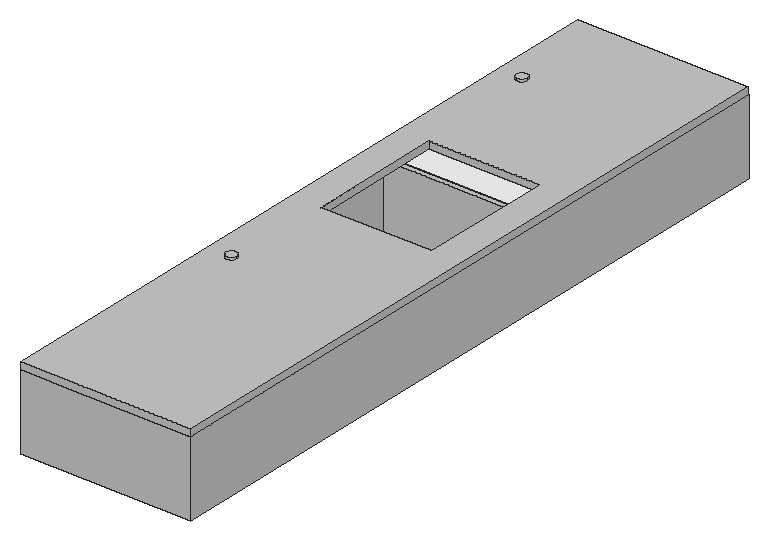
Revit family "rba-bim-B38039", category Specialty Equipment, host Face, Revit 2018
Family settings
  Host = Face
  Round Connector Dimension = Use Diameter
  Part Type = Normal
  OmniClass Number = 23.40.20.21.17
  OmniClass Title = Paper Towel Dispensers, Disposal Units
  Cut with Voids When Loaded = No
  Shared = Yes
  Room Calculation Point = No
Parameters (values of type "B-38039")
  URL = "www.rba.com.au"
  Type Comments = "Satin Finish"
  Product Page URL = ""
  Product Name = ""
  Modified Issue = "20200825.01"
  Model = "B38039"
  Materials and Finishes = Stainless Steel Satin Finish
  Manufacturer = "Bobrick Washroom Equipment"
  Description = "Surface Mounted Paper Towel & Waste Bin"
  Default Elevation = 1.2192 m
  Copyright by = "RBA Group"  # constant formula
  Assembly Code = "C1030200"
  ADA Compliant = yes
Reference planes (m)
  plane 1 "Center (Front/Back)": y = 0
  plane 2: z = 0
  plane 3 "Center (Left/Right)": x = 0
  plane 4: x = -0.1651
  plane 5: x = 0.1651
  plane 6: x = 0.140494
  plane 7: x = -0.140494
  plane 8: y = 0.674519
  plane 9: y = -0.675481
  plane 10: y = -0.22225
  plane 11: y = -0.020269
  plane 12: y = 0.174994
  plane 13 "Center": y = 0.184519
  plane 14: y = 0.230556
  plane 15: y = 0.243256
  plane 16: y = 0.481637
  plane 17: x = -0.119062
  plane 18: x = 0.10795
  plane 19: x = -0.10795
  plane 20: z = 0.014287
  plane 21: z = 0.017462
  plane 22 "Center L/S": y = 0.194519
  plane 23: z = -0.145713
  plane 24: z = -0.144125
Forms (m)
  Extrusion 1, void
    sketch origin (0, 0, 0) x (1, 0, 0) y (0, 1, 0)
      loop
        line (-0.140494, 0.674519) -> (-0.140494, -0.675481) -> (0.140494, -0.675481) -> (0.140494, 0.674519) -> (-0.140494, 0.674519)
    from -0.142875 to 0
  Extrusion 2, solid, material "Stainless Steel Satin Finish" <- "Materials and Finishes"
    sketch origin (0, 0, 0) x (1, 0, 0) y (0, 1, 0)
      loop
        line (-0.1651, 0.674519) -> (-0.1651, -0.675481) -> (0.1651, -0.675481) -> (0.1651, 0.674519) -> (-0.1651, 0.674519)
      loop
        line (-0.163512, 0.672931) -> (-0.163512, -0.673894) -> (0.163512, -0.673894) -> (0.163512, 0.672931) -> (-0.163512, 0.672931)
    from -0.145713 to 0
  Extrusion 3, solid, material "Stainless Steel Satin Finish" <- "Materials and Finishes"
    sketch origin (0, 0, 0) x (1, 0, 0) y (0, 1, 0)
      loop
        line (-0.1651, 0.674519) -> (-0.1651, -0.675481) -> (0.1651, -0.675481) -> (0.1651, 0.674519) -> (-0.1651, 0.674519)
      loop
        line (-0.10795, 0.243256) -> (-0.10795, -0.020269) -> (0.10795, -0.020269) -> (0.10795, 0.243256) -> (-0.10795, 0.243256)
    from 0 to 0.014287
  Extrusion 4, solid, material "Stainless Steel Satin Finish" <- "Materials and Finishes"
    sketch origin (0, 0, 0) x (1, 0, 0) y (0, 1, 0)
      loop
        line (-0.140494, 0.184519) -> (-0.140494, 0.174994) -> (0.140494, 0.174994) -> (0.140494, 0.184519) -> (-0.140494, 0.184519)
    from -0.144125 to 0
  Extrusion 5, solid, material "Paper Towel - Bobrick", detail levels fine
    sketch origin (0, 0, 0) x (1, 0, 0) y (0, 1, 0)
      loop
        line (-0.140494, 0.243256) -> (-0.140494, 0.184519) -> (0.140494, 0.184519) -> (0.140494, 0.243256) -> (-0.140494, 0.243256)
    from -0.144125 to 0
  Extrusion 6, solid, material "Stainless Steel Satin Finish" <- "Materials and Finishes", detail levels fine
    sketch origin (0, 0, 0) x (1, 0, 0) y (0, 1, 0)
      loop
        circle (-0.119062, -0.22225) r 0.010319
    from 0.014287 to 0.017462
  Extrusion 7, solid, material "Stainless Steel Satin Finish" <- "Materials and Finishes", detail levels fine
    sketch origin (0, 0.70485, 0) x (1, 0, 0) y (0, 1, 0)
      loop
        circle (-0.119062, -0.223213) r 0.010319
    from 0.014287 to 0.017462
  Extrusion 8, solid, material "Stainless Steel Satin Finish" <- "Materials and Finishes"
    sketch origin (0, 0, -0.002838) x (1, 0, 0) y (0, 1, 0)
      loop
        line (-0.1651, 0.674519) -> (-0.1651, -0.675481) -> (0.1651, -0.675481) -> (0.1651, 0.674519) -> (-0.1651, 0.674519)
    from -0.142875 to -0.141288
Cuts and joins
  joined: Extrusion 2, Extrusion 4, Extrusion 8
Lines and regions (m)
  Split face 1
    outline origin (0, 0.024181, 0) x (1, 0, 0) y (0, 1, 0)
      loop
        line (-0.140494, 0.179387) -> (-0.077787, 0.179387)
        arc (-0.077787, 0.179387) -> (0, 0.206375) -> (0.077788, 0.179387) r 0.125599
        line (0.077788, 0.179387) -> (0.140494, 0.179387)
  Masking region 1
    outline origin (0, 0, 0.017462) x (1, 0, 0) y (0, 1, 0)
      loop
        line (-0.1651, 0.674519) -> (-0.1651, -0.675481) -> (0.1651, -0.675481) -> (0.1651, 0.674519) -> (-0.1651, 0.674519)
  Masking region 2
    outline origin (0, 0, 0) x (1, 0, 0) y (0, 0, 1)
      loop
        line (-0.1651, 0) -> (0.1651, 0) -> (0.1651, 0.014287) -> (-0.1651, 0.014287) -> (-0.1651, 0)
  Masking region 3, detail levels fine
    outline origin (0, 0, 0) x (1, 0, 0) y (0, 0, 1)
      loop
        line (-0.129381, 0.014287) -> (-0.108744, 0.014287) -> (-0.108744, 0.017462) -> (-0.129381, 0.017462) -> (-0.129381, 0.014287)
  Masking region 4
    outline origin (0, 0, 0) x (0, 1, 0) y (0, 0, 1)
      loop
        line (0.674519, 0) -> (0.674519, 0.014287) -> (-0.675481, 0.014287) -> (-0.675481, 0) -> (0.674519, 0)
  Masking region 5, detail levels fine
    outline origin (0, 0, 0) x (0, 1, 0) y (0, 0, 1)
      loop
        line (0.491956, 0.014287) -> (0.491956, 0.017462) -> (0.471319, 0.017462) -> (0.471319, 0.014287) -> (0.491956, 0.014287)
  Masking region 6, detail levels fine
    outline origin (0, 0, 0) x (0, 1, 0) y (0, 0, 1)
      loop
        line (-0.211931, 0.014287) -> (-0.211931, 0.017462) -> (-0.232569, 0.017462) -> (-0.232569, 0.014287) -> (-0.211931, 0.014287)
  model lines, detail levels fine
    curve 1: spline (-0.119062, -0.2286, 0.017462) -> (-0.119364, -0.228384, 0.017462) -> (-0.119645, -0.227749, 0.017462) -> (-0.119886, -0.22674, 0.017462) -> (-0.120071, -0.225425, 0.017462) -> (-0.120188, -0.223894, 0.017462) -> (-0.120227, -0.22225, 0.017462) -> (-0.120188, -0.220606, 0.017462) -> (-0.120071, -0.219075, 0.017462) -> (-0.119886, -0.21776, 0.017462) -> (-0.119645, -0.216751, 0.017462) -> (-0.119364, -0.216116, 0.017462) -> (-0.119062, -0.2159, 0.017462) -> (-0.118761, -0.216116, 0.017462) -> (-0.11848, -0.216751, 0.017462) -> (-0.118239, -0.21776, 0.017462) -> (-0.118054, -0.219075, 0.017462) -> (-0.117937, -0.220606, 0.017462) -> (-0.117898, -0.22225, 0.017462) -> (-0.117937, -0.223894, 0.017462) -> (-0.118054, -0.225425, 0.017462) -> (-0.118239, -0.22674, 0.017462) -> (-0.11848, -0.227749, 0.017462) -> (-0.118761, -0.228384, 0.017462) -> (-0.119062, -0.2286, 0.017462)
    curve 2: spline (-0.119062, 0.47625, 0.017462) -> (-0.119364, 0.476466, 0.017462) -> (-0.119645, 0.477101, 0.017462) -> (-0.119886, 0.47811, 0.017462) -> (-0.120071, 0.479425, 0.017462) -> (-0.120188, 0.480956, 0.017462) -> (-0.120227, 0.4826, 0.017462) -> (-0.120188, 0.484244, 0.017462) -> (-0.120071, 0.485775, 0.017462) -> (-0.119886, 0.48709, 0.017462) -> (-0.119645, 0.488099, 0.017462) -> (-0.119364, 0.488734, 0.017462) -> (-0.119062, 0.48895, 0.017462) -> (-0.118761, 0.488734, 0.017462) -> (-0.11848, 0.488099, 0.017462) -> (-0.118239, 0.48709, 0.017462) -> (-0.118054, 0.485775, 0.017462) -> (-0.117937, 0.484244, 0.017462) -> (-0.117898, 0.4826, 0.017462) -> (-0.117937, 0.480956, 0.017462) -> (-0.118054, 0.479425, 0.017462) -> (-0.118239, 0.47811, 0.017462) -> (-0.11848, 0.477101, 0.017462) -> (-0.118761, 0.476466, 0.017462) -> (-0.119062, 0.47625, 0.017462)
  symbolic lines, style "Paper Towel Dispenser", detail levels medium+fine
    curve 3: line (-0.10795, 0.243256, 0.017462) -> (0.10795, 0.243256, 0.017462)
    curve 4: line (-0.10795, -0.020269, 0.017462) -> (-0.10795, 0.243256, 0.017462)
    curve 5: line (0.10795, -0.020269, 0.017462) -> (-0.10795, -0.020269, 0.017462)
    curve 6: line (0.10795, 0.243256, 0.017462) -> (0.10795, -0.020269, 0.017462)
  symbolic lines, style "Paper Towel Dispenser", detail levels fine
    curve 7: line (-0.10795, 0.203569, 0.017462) -> (-0.077787, 0.203569, 0.017462)
    curve 8: arc (-0.077787, 0.203569, 0.017462) -> (0, 0.230556, 0.017462) -> (0.077788, 0.203569, 0.017462) r 0.125599
    curve 9: line (0.077788, 0.203569, 0.017462) -> (0.10795, 0.203569, 0.017462)
    curve 10: line (-0.10795, 0.184519, 0.017462) -> (0.10795, 0.184519, 0.017462)
    curve 11: line (-0.10795, 0.174994, 0.017462) -> (0.10795, 0.174994, 0.017462)
    curve 12: arc (-0.108744, 0.481637, 0.017462) -> (-0.119062, 0.491956, 0.017462) -> (-0.129381, 0.481637, 0.017462) r 0.010319
    curve 13: arc (-0.129381, 0.481637, 0.017462) -> (-0.119062, 0.471319, 0.017462) -> (-0.108744, 0.481637, 0.017462) r 0.010319
    curve 14: spline (-0.119062, 0.475287, 0.017462) -> (-0.119364, 0.475504, 0.017462) -> (-0.119645, 0.476138, 0.017462) -> (-0.119886, 0.477147, 0.017462) -> (-0.120071, 0.478462, 0.017462) -> (-0.120188, 0.479994, 0.017462) -> (-0.120227, 0.481637, 0.017462) -> (-0.120188, 0.483281, 0.017462) -> (-0.120071, 0.484812, 0.017462) -> (-0.119886, 0.486128, 0.017462) -> (-0.119645, 0.487137, 0.017462) -> (-0.119364, 0.487771, 0.017462) -> (-0.119062, 0.487987, 0.017462) -> (-0.118761, 0.487771, 0.017462) -> (-0.11848, 0.487137, 0.017462) -> (-0.118239, 0.486128, 0.017462) -> (-0.118054, 0.484812, 0.017462) -> (-0.117937, 0.483281, 0.017462) -> (-0.117898, 0.481637, 0.017462) -> (-0.117937, 0.479994, 0.017462) -> (-0.118054, 0.478462, 0.017462) -> (-0.118239, 0.477147, 0.017462) -> (-0.11848, 0.476138, 0.017462) -> (-0.118761, 0.475504, 0.017462) -> (-0.119062, 0.475287, 0.017462)
    curve 15: arc (-0.108744, -0.22225, 0.017462) -> (-0.119062, -0.211931, 0.017462) -> (-0.129381, -0.22225, 0.017462) r 0.010319
    curve 16: arc (-0.129381, -0.22225, 0.017462) -> (-0.119062, -0.232569, 0.017462) -> (-0.108744, -0.22225, 0.017462) r 0.010319
    curve 17: spline (-0.119062, -0.2286, 0.017462) -> (-0.119364, -0.228384, 0.017462) -> (-0.119645, -0.227749, 0.017462) -> (-0.119886, -0.22674, 0.017462) -> (-0.120071, -0.225425, 0.017462) -> (-0.120188, -0.223894, 0.017462) -> (-0.120227, -0.22225, 0.017462) -> (-0.120188, -0.220606, 0.017462) -> (-0.120071, -0.219075, 0.017462) -> (-0.119886, -0.21776, 0.017462) -> (-0.119645, -0.216751, 0.017462) -> (-0.119364, -0.216116, 0.017462) -> (-0.119062, -0.2159, 0.017462) -> (-0.118761, -0.216116, 0.017462) -> (-0.11848, -0.216751, 0.017462) -> (-0.118239, -0.21776, 0.017462) -> (-0.118054, -0.219075, 0.017462) -> (-0.117937, -0.220606, 0.017462) -> (-0.117898, -0.22225, 0.017462) -> (-0.117937, -0.223894, 0.017462) -> (-0.118054, -0.225425, 0.017462) -> (-0.118239, -0.22674, 0.017462) -> (-0.11848, -0.227749, 0.017462) -> (-0.118761, -0.228384, 0.017462) -> (-0.119062, -0.2286, 0.017462)
Dimensions and locks (m)
  equal spacing: plane 4, plane 3 "Center (Left/Right)", plane 5
  locked: plane 4 to plane 5 at 0.3302
  equal spacing: plane 7, plane 3 "Center (Left/Right)", plane 6
  plane 7 to plane 6 = 0.280987 m
  locked: plane 11 to plane 12 at 0.195263
  locked: plane 12 to plane 13 "Center" at 0.009525
  locked: plane 13 "Center" to plane 14 at 0.046037
  locked: plane 14 to plane 15 at 0.0127
  plane 4 to plane 17 = 0.046037 m
  locked: plane 4 to plane 19 at 0.05715
  locked: plane 18 to plane 5 at 0.05715
  locked: plane 20 to plane 2 at 0.014288
  locked: Extrusion 2 sketch curve to Extrusion 2 sketch curve at 0.001587  (x2)
  locked: Extrusion 2 sketch curve to Extrusion 2 sketch curve at 0.001588  (x2)
  Extrusion 5 to Split face 1 sketch curve = 0.01905 m
  locked: plane 21 to plane 20 at 0.003175
  plane 9 to plane 8 = 1.350 m
  locked: plane 24 to plane 23 at 0.001588
  aligned and locked: host face to plane 2
  aligned and locked: level to host face
  aligned and locked: Extrusion 1 sketch curve to plane 8
  aligned and locked: plane 7 to Extrusion 1 sketch curve
  aligned and locked: Extrusion 1 sketch curve to plane 9
  aligned and locked: plane 6 to Extrusion 1 sketch curve
  aligned and locked: plane 2 to Extrusion 1
  aligned and locked: Extrusion 2 sketch curve to plane 8
  aligned and locked: Extrusion 2 sketch curve to plane 9
  aligned and locked: plane 2 to Extrusion 2
  aligned and locked: plane 4 to Extrusion 3 sketch curve
  aligned and locked: plane 5 to Extrusion 3 sketch curve
  aligned and locked: plane 15 to Extrusion 3 sketch curve
  aligned and locked: plane 19 to Extrusion 3 sketch curve
  aligned and locked: Extrusion 3 sketch curve to plane 11
  aligned and locked: plane 18 to Extrusion 3 sketch curve
  aligned and locked: Extrusion 3 to plane 2
  aligned and locked: plane 20 to Extrusion 3
  aligned and locked: plane 13 "Center" to Extrusion 4 sketch curve
  aligned and locked: plane 7 to Extrusion 4 sketch curve
  aligned and locked: Extrusion 4 sketch curve to plane 12
  aligned and locked: plane 6 to Extrusion 4 sketch curve
  aligned and locked: plane 2 to Extrusion 4
  aligned and locked: plane 15 to Extrusion 5 sketch curve
  aligned and locked: Extrusion 5 sketch curve to plane 13 "Center"
  aligned and locked: plane 2 to Extrusion 5
  aligned and locked: Extrusion 6 to plane 20
  aligned and locked: plane 21 to Extrusion 6
  aligned and locked: Split face 1 to curve 7
  aligned and locked: curve 8 to Split face 1
  aligned and locked: curve 9 to Split face 1
  aligned and locked: plane 13 "Center" to curve 10
  aligned and locked: plane 12 to curve 11
  aligned and locked: curve 12 to Extrusion 7
  aligned and locked: curve 13 to Extrusion 7
  aligned and locked: curve 15 to Extrusion 6
  aligned and locked: curve 16 to Extrusion 6
  aligned and locked: Masking region 3 sketch curve to Extrusion 6  (x4)
  aligned and locked: Masking region 5 sketch curve to Extrusion 7  (x2)
  aligned and locked: Masking region 6 sketch curve to Extrusion 6  (x2)
  aligned and locked: Extrusion 8 to plane 23
  aligned and locked: plane 24 to Extrusion 8
Automatic sketch dimensions
  host sketch curve to host sketch curve = 2.4384 m  (x2)
  plane 9 to Extrusion 3 sketch curve = 0.000 m
  Extrusion 3 sketch curve to plane 8 = 0.000 m
  Extrusion 5 sketch curve to plane 7 = 0.000 m
  Extrusion 5 sketch curve to plane 6 = 0.000 m
  Split face 1 sketch curve to Extrusion 5 = 0.000 m  (x2)
  Split face 1 sketch curve to Extrusion 5 = 0.062706 m
  Extrusion 5 to Split face 1 sketch curve = 0.079562 m
  Split face 1 sketch curve to Split face 1 sketch curve = 0.077788 m
  Split face 1 sketch curve to Split face 1 sketch curve = 0.062706 m
  plane 10 to Extrusion 6 sketch curve = 0.000 m
  Extrusion 6 sketch curve to plane 17 = 0.000 m
  curve 4 to curve 8 = 0.10795 m
  curve 8 to curve 6 = 0.030162 m
  curve 5 to curve 8 = 0.125226 m
  curve 7 to curve 3 = 0.039687 m
  curve 1 to curve 15 = 0.000 m  (x2)
  curve 14 to curve 12 = 0.000 m  (x2)
  curve 17 to curve 15 = 0.000 m  (x2)
  curve 17 to curve 15 = 0.00635 m
  curve 1 to curve 17 = 0.000 m
  curve 14 to curve 12 = 0.00635 m
  plane 16 to Extrusion 7 sketch curve = 0.000 m
  Extrusion 7 sketch curve to plane 17 = 0.000 m
  curve 2 to curve 2 = 0.00635 m
  Masking region 1 sketch curve to Masking region 1 sketch curve = 0.3302 m
  Masking region 1 sketch curve to Masking region 1 sketch curve = 1.350 m
  Masking region 2 sketch curve to plane 4 = 0.000 m
  plane 5 to Masking region 2 sketch curve = 0.000 m
  Masking region 2 sketch curve to level = 0.000 m
  Masking region 2 sketch curve to plane 20 = 0.000 m
  Masking region 4 sketch curve to level = 0.000 m
  Masking region 4 sketch curve to plane 9 = 0.000 m
  Masking region 4 sketch curve to plane 8 = 0.000 m
  Masking region 4 sketch curve to plane 20 = 0.000 m
  plane 16 to Masking region 5 sketch curve = 0.010319 m
  Masking region 5 sketch curve to plane 16 = 0.010319 m
  plane 10 to Masking region 6 sketch curve = 0.010319 m
  Masking region 6 sketch curve to plane 10 = 0.010319 m
  Extrusion 8 sketch curve to plane 7 = 0.024606 m
  Extrusion 8 sketch curve to plane 6 = 0.024606 m
  plane 9 to Extrusion 8 sketch curve = 0.000 m
  Extrusion 8 sketch curve to plane 8 = 0.000 m
  Extrusion 2 sketch curve to plane 5 = 0.000 m
  Extrusion 2 sketch curve to plane 4 = 0.000 m
  radius of Extrusion 6 sketch curve = 0.010319 m
  radius of Extrusion 7 sketch curve = 0.010319 m
